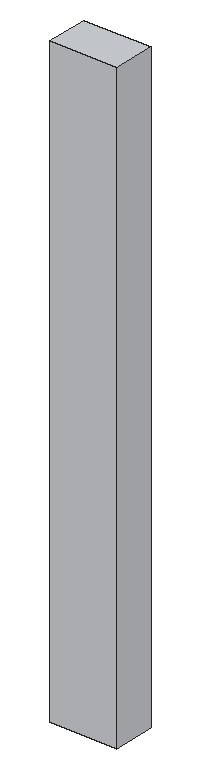
Revit family "EI_Anschluesse_V1700", category Elektroinstallationen, Revit 2017
Family settings
  Beschriftungsausrichtung beibehalten = Nein
  Bemaßung runder Anschluss = Durchmesser verwenden
  Teiletyp = Normal
  OmniClass-Nummer = 23.80.00.00
  OmniClass-Titel = Electric Power and Lighting
  Arbeitsebenenbasiert = Nein
  Immer vertikal = Ja
  Beim Laden mit Abzugskörper schneiden = Nein
  Gemeinsam genutzt = Nein
  Raumberechnungspunkt = Nein
Parameters (values of type "Installationssaeule")
  pbr_Material_KZ = ""
  pbr_Material = none
  pbr_E_Typ = ""
  pbr_E_KZ = ""
  pbr_DINBild = 0
  pbr_Bild = 0
  pbr_3Dx_Delta_Korrekturversatz [instance] = 0 mm
  pbr_2DY_Versatzfaktor [instance] = 0
  pbr_2DX_Versatzfaktor [instance] = 0
  Zentrale [instance] = ""
  YFrontversatz [instance] = if(pbr_2DY_Versatzfaktor = 300, 0 mm, pbr_2DY_Versatzfaktor * 300 mm)  # 0 mm
  XSeitenversatz [instance] = if(pbr_2DX_Versatzfaktor = 0, 3000 mm, 3000 mm + (pbr_2DX_Versatzfaktor * 300 mm)) + Eckversatz  # 3000 mm
  Wirkleistung [instance] = 0 W
  Typ [instance] = ""
  Text3 [instance] = ""
  Text2 [instance] = ""
  Text1 [instance] = ""
  Spannung [instance] = 0
  Scheinleistung [instance] = 0 VA
  Schaltgruppe2 [instance] = 0
  Schaltgruppe1 [instance] = 0
  Profildicke = 2 mm
  Polig [instance] = 1
  Planungsbüro Rohling = "www.pbr.de"
  Nennstrom [instance] = 0
  Menge(Dosenzahl) [instance] = 0
  Linie/Anschluss [instance] = ""
  Leistungsfaktor [instance] = 0
  Lastklassifizierung = none
  KA Tiefe [instance] = 70 mm
  KA Höhe [instance] = 1000 mm
  KA Breite [instance] = 110 mm
  Installationssäule = yes
  Installationsart [instance] = ""
  Info [instance] = ""
  Gleichzeitigkeitsfaktor3 [instance] = 0
  Gleichzeitigkeitsfaktor2 [instance] = 0
  Gleichzeitigkeitsfaktor1 [instance] = 0
  Gewerk [instance] = "Steck"
  Eckversatz [instance] = 0 mm
  Anlaufstrom [instance] = 0
  3DX_Versatzkontrolle [instance] = 0
Reference planes
  plane 1 "Mitte (Vorne/Hinten)": y = 0
  plane 2: z = 0
  plane 3 "Mitte (Links/Rechts)": x = 0
  plane 4: y = 70
  plane 5: x = -55
  plane 6: x = 55
  plane 7: y = 68
  plane 8: x = 53
  plane 9: y = 2
  plane 10: x = -53
  plane 11 "oben": z = 1000
  plane 12 "AchseMitte": y = 35
Forms (mm)
  Extrusion 1, void
    sketch origin (0, 0, 0) x (1, 0, 0) y (0, 1, 0)
      loop
        line (-53, 68) -> (-53, 2) -> (53, 2) -> (53, 68) -> (-53, 68)
    from 0 to 1000
  Extrusion 2, solid
    sketch origin (0, 0, 0) x (1, 0, 0) y (0, 1, 0)
      loop
        line (-55, 70) -> (-55, 0) -> (55, 0) -> (55, 70) -> (-55, 70)
    from 0 to 1000
Dimensions and locks
  "KA Breite": plane 5 to plane 6
  "KA Tiefe": plane 4 to plane 1 "Mitte (Vorne/Hinten)"
  equal spacing: plane 5, plane 3 "Mitte (Links/Rechts)", plane 6
  "Profildicke": plane 9 to plane 1 "Mitte (Vorne/Hinten)"
  "Profildicke": plane 4 to plane 7
  "Profildicke": plane 8 to plane 6
  "Profildicke": plane 5 to plane 10
  equal spacing: plane 4, plane 12 "AchseMitte", plane 1 "Mitte (Vorne/Hinten)"
  "KA Höhe": plane 11 "oben" to plane 2
  aligned and locked: level to plane 2
  aligned and locked: Extrusion 1 sketch curve to plane 7
  aligned and locked: Extrusion 1 sketch curve to plane 8
  aligned and locked: plane 9 to Extrusion 1 sketch curve
  aligned and locked: plane 10 to Extrusion 1 sketch curve
  aligned and locked: plane 11 "oben" to Extrusion 1
  aligned and locked: Extrusion 2 sketch curve to plane 6
  aligned and locked: Extrusion 2 sketch curve to plane 4
  aligned and locked: Extrusion 2 sketch curve to plane 1 "Mitte (Vorne/Hinten)"
  aligned and locked: plane 5 to Extrusion 2 sketch curve
  aligned and locked: plane 11 "oben" to Extrusion 2
Nested families
  nested 1: "Installationssäule" at (0, 0, 0), visible <- "Installationssäule", type "Installationssäule"
Definition of nested family "Installationssäule"
  Reference planes
    plane 1 "Mitte (Vorne/Hinten)": y = 0
    plane 2: z = 0
    plane 3 "Mitte (Links/Rechts)": x = 0
  Lines and regions (mm)
    detail lines, in view "Referenzebene"
      curve 1: circle (-0.015, 150.479, 0) r 99.152 normal (0, 0, 1)
      curve 2: line (-228.292, 300, 0) -> (-228.292, 0, 0)
      curve 3: line (-228.292, 0, 0) -> (246.708, 0, 0)
      curve 4: line (246.708, 0, 0) -> (246.708, 300, 0)
      curve 5: line (246.708, 300, 0) -> (-228.292, 300, 0)
